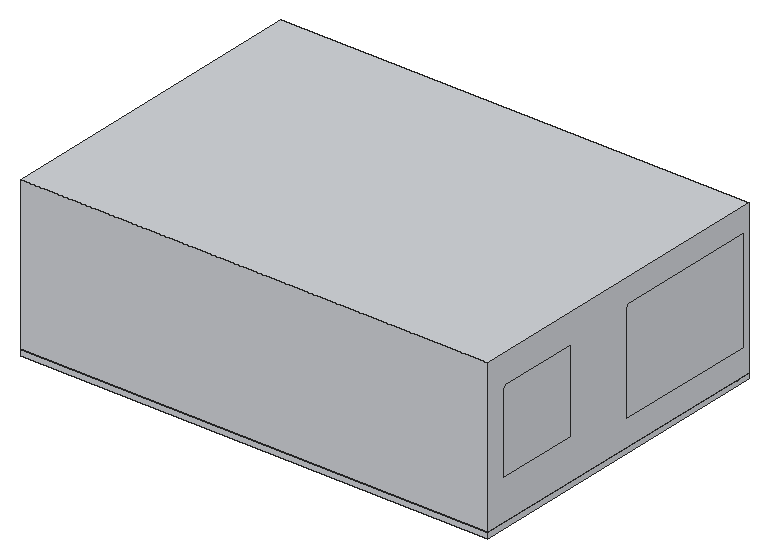
Revit family "AHU 6 _6", category Mechanické zařízení, Revit 2018
Family settings
  Kóta kulaté spojky = Použít průměr
  Typ dílu = Normální
  Číslo OmniClass = 23.75.00.00
  Nadpis OmniClass = Climate Control (HVAC)
  Založené na pracovní rovině = Ne
  Vždy vertikální = Ano
  Ořezat dutým tvarem při načtení = Ne
  Sdílené = Ne
  Bod výpočtu místnosti = Ne
Parameters (values of type "DUPLEXVENT 3500 Multi Eco")
  Width [instance] = 1.6 mm
  Weight [instance] = 371.00 kg
  URL = ""
  Type [instance] = "DUPLEXVENT 3500 Multi Eco"
  Total_SFP [instance] = 0
  Supply_outlet_hum [instance] = 90
  Supply_inlet_hum [instance] = 90
  Supply_ext_pressure [instance] = 0.0 Pa
  Supply_SFP [instance] = 0
  Source_adu_file [instance] = ""
  Recuperation_type [instance] = "Plate heat recovery exchanger"
  Recuperation_efficiency_EN308 [instance] = 0
  Project_name [instance] = ""
  Project_date [instance] = "10.8.2023"
  Power_supply_fusing [instance] = "0"
  Power_supply_cable [instance] = "0"
  Position [instance] = "AHU 6 "
  Phases_count [instance] = 3
  Panel_thickness [instance] = 0.06 mm
  Outer_surface [instance] = "RAL 9002"
  Length [instance] = 2.3 mm
  Insulation_type [instance] = "PUR"
  Insulation_thickness [instance] = 0.05 mm
  Installation_environment [instance] = ""
  Input_power_max [instance] = 5000 W
  Inner_surface [instance] = "Pozink"
  I2 [instance] = I1  # 0.0 L/s
  Height [instance] = 0.775 mm
  Exhaust_outlet_hum [instance] = 0
  Exhaust_inlet_hum [instance] = 40
  Exhaust_ext_pressure [instance] = 0.0 Pa
  Exhaust_SFP [instance] = 0
  E1 [instance] = E2 - M1  # 0.0 L/s
  E2 [instance] = 0.0 L/s
  I1 [instance] = 0.0 L/s
  Description = ""
  M1 [instance] = 0.0 L/s
  Device_dutypoint_version [instance] = "1"
  Device_design_version [instance] = "13"
  Device_adu_id [instance] = "6"
  Current_max [instance] = 7.6 A
  Casing_mat [instance] = "painted zinc layer"
  Cable type [instance] = "CYKY 5Jx2,5"
Reference planes
  plane 1 "Střed (vpředu/vzadu)": y = 0
  plane 2 "ref": z = 0
  plane 3 "Střed (vlevo/vpravo)": x = 0
Forms (mm)
  Sweep 1, solid
    path origin (0, 0, -745) x (0, 0, 1) y (1, 0, 0)
      loop
        line (0, 0) -> (745, 0)
    profile origin (0, 0, -745) x (1, 0, 0) y (0, 1, 0)
      loop
        line (0, 0) -> (2300, 0) -> (2300, 1600) -> (0, 1600) -> (0, 0)
  Sweep 2, solid
    path origin (2299, 300, -345) x (1, 0, 0) y (0, 1, 0)
      loop
        line (0, 0) -> (1, 0)
    profile origin (2299, 300, -345) x (0, 1, 0) y (0, 0, 1)
      loop
        line (200, 200) -> (-200, 200) -> (-200, -200) -> (200, -200) -> (200, 200)
  Sweep 3, solid
    path origin (1, 1210, -370) x (0, 1, 0) y (-1, 0, 0)
      loop
        line (0, 0) -> (0, 1)
    profile origin (1, 1210, -370) x (0, -1, 0) y (0, 0, 1)
      loop
        line (-355, 250) -> (-355, -250) -> (355, -250) -> (355, 250) -> (-355, 250)
  Sweep 4, solid
    path origin (1, 300, -345) x (0, 1, 0) y (-1, 0, 0)
      loop
        line (0, 0) -> (0, 1)
    profile origin (1, 300, -345) x (0, -1, 0) y (0, 0, 1)
      loop
        line (-200, 200) -> (-200, -200) -> (200, -200) -> (200, 200) -> (-200, 200)
  Sweep 5, solid
    path origin (2299, 1210, -370) x (1, 0, 0) y (0, 1, 0)
      loop
        line (0, 0) -> (1, 0)
    profile origin (2299, 1210, -370) x (0, 1, 0) y (0, 0, 1)
      loop
        line (355, 250) -> (-355, 250) -> (-355, -250) -> (355, -250) -> (355, 250)
  Sweep 6, solid
    path origin (2233, 1533, -745) x (0, -1, 0) y (0, 0, 1)
      loop
        line (0, 0) -> (0, -50)
    profile origin (2233, 1533, -745) x (-1, 0, 0) y (0, -1, 0)
      loop
        circle (0, 0) r 20
  Sweep 7, solid
    path origin (1051, 1533, -745) x (0, -1, 0) y (0, 0, 1)
      loop
        line (0, 0) -> (0, -50)
    profile origin (1051, 1533, -745) x (-1, 0, 0) y (0, -1, 0)
      loop
        circle (0, 0) r 20
  Sweep 8, solid
    path origin (0, 0, -775) x (0, 0, 1) y (1, 0, 0)
      loop
        line (0, 0) -> (25, 0)
    profile origin (0, 0, -775) x (1, 0, 0) y (0, 1, 0)
      loop
        line (0, 0) -> (2300, 0) -> (2300, 1600) -> (0, 1600) -> (0, 0)
  Sweep 9, solid
    path origin (0, 0, -668) x (0, 0, 1) y (1, 0, 0)
      loop
        line (0, 0) -> (305, 0)
    profile origin (0, 0, -668) x (1, 0, 0) y (0, 1, 0)
      loop
        line (1320, 1600) -> (1725, 1600) -> (1725, 1690) -> (1320, 1690) -> (1320, 1600)
  Sweep 10, solid
    path origin (1320, 1645, -515) x (0, 0, -1) y (1, 0, 0)
      loop
        line (0, 0) -> (0, -1)
    profile origin (1320, 1645, -515) x (0, 0, -1) y (0, -1, 0)
      loop
        circle (0, 0) r 10
Lines and regions (mm)
  model lines, style "Symbol"
    curve 1: line (1357, 0, 0) -> (1357, 320, 0)
    curve 2: line (1357, 1600, 0) -> (1357, 1280, 0)
    curve 3: line (0, 800, 0) -> (877, 800, 0)
    curve 4: line (2300, 800, 0) -> (1837, 800, 0)
    curve 5: line (877, 800, 0) -> (1117, 1280, 0)
    curve 6: line (1117, 1280, 0) -> (1597, 1280, 0)
    curve 7: line (1597, 1280, 0) -> (1837, 800, 0)
    curve 8: line (1837, 800, 0) -> (1597, 320, 0)
    curve 9: line (1597, 320, 0) -> (1357, 320, 0)
    curve 10: line (1357, 320, 0) -> (1117, 320, 0)
    curve 11: line (1117, 320, 0) -> (877, 800, 0)
    curve 12: line (352, 1086, 0) -> (96, 1130, 0)
    curve 13: line (352, 1314, 0) -> (96, 1270, 0)
    curve 14: line (1948, 1314, 0) -> (2204, 1270, 0)
    curve 15: line (1948, 1086, 0) -> (2204, 1130, 0)
    curve 16: line (2254, 640, 0) -> (2254, 160, 0)
    curve 17: line (2254, 160, 0) -> (2116, 160, 0)
    curve 18: line (2116, 160, 0) -> (2116, 640, 0)
    curve 19: line (2116, 640, 0) -> (2254, 640, 0)
    curve 20: line (2185, 640, 0) -> (2116, 400, 0)
    curve 21: line (2185, 160, 0) -> (2116, 400, 0)
    curve 22: line (46, 160, 0) -> (46, 640, 0)
    curve 23: line (46, 640, 0) -> (184, 640, 0)
    curve 24: line (184, 640, 0) -> (184, 160, 0)
    curve 25: line (184, 160, 0) -> (46, 160, 0)
    curve 26: line (115, 160, 0) -> (184, 400, 0)
    curve 27: line (115, 640, 0) -> (184, 400, 0)
    curve 28: line (1612, 316, 0) -> (1830, 744, 0)
    curve 29: line (1830, 744, 0) -> (1902, 708, 0)
    curve 30: line (1902, 708, 0) -> (1684, 280, 0)
    curve 31: line (1684, 280, 0) -> (1612, 316, 0)
    curve 32: line (1758, 584, 0) -> (1844, 612, 0)
    curve 33: line (1670, 412, 0) -> (1756, 440, 0)
    curve 34: line (2207, 1533, -745) -> (2259, 1533, -745)
    curve 35: line (2233, 1507, -745) -> (2233, 1559, -745)
    curve 36: line (1025, 1533, -745) -> (1077, 1533, -745)
    curve 37: line (1051, 1507, -745) -> (1051, 1559, -745)
    curve 38: line (2300, 0, -1975) -> (2300, 0, -775)
    curve 39: line (0, 0, -1975) -> (0, 0, -775)
    curve 40: line (2300, 0, -1975) -> (0, 0, -1975)
    curve 41: line (2300, 1600, -1975) -> (2300, 1600, -775)
    curve 42: line (0, 1600, -1975) -> (0, 1600, -775)
    curve 43: line (2300, 1600, -1975) -> (0, 1600, -1975)
    curve 44: line (2300, 0, -1975) -> (2300, 1600, -1975)
    curve 45: line (0, 0, -1975) -> (0, 1600, -1975)
    curve 46: line (2300, 1400, -1975) -> (2100, 1600, -1975)
    curve 47: line (2300, 1200, -1975) -> (1900, 1600, -1975)
    curve 48: line (2300, 1000, -1975) -> (1700, 1600, -1975)
    curve 49: line (2300, 800, -1975) -> (1500, 1600, -1975)
    curve 50: line (2300, 600, -1975) -> (1300, 1600, -1975)
    curve 51: line (2300, 400, -1975) -> (1100, 1600, -1975)
    curve 52: line (2300, 200, -1975) -> (900, 1600, -1975)
    curve 53: line (2300, 0, -1975) -> (700, 1600, -1975)
    curve 54: line (2100, 0, -1975) -> (500, 1600, -1975)
    curve 55: line (1900, 0, -1975) -> (300, 1600, -1975)
    curve 56: line (1700, 0, -1975) -> (100, 1600, -1975)
    curve 57: line (1500, 0, -1975) -> (0, 1500, -1975)
    curve 58: line (1300, 0, -1975) -> (0, 1300, -1975)
    curve 59: line (1100, 0, -1975) -> (0, 1100, -1975)
    curve 60: line (900, 0, -1975) -> (0, 900, -1975)
    curve 61: line (700, 0, -1975) -> (0, 700, -1975)
    curve 62: line (500, 0, -1975) -> (0, 500, -1975)
    curve 63: line (300, 0, -1975) -> (0, 300, -1975)
    curve 64: line (100, 0, -1975) -> (0, 100, -1975)
    curve 65: line (0, 1400, -1975) -> (0, 1600, -1775)
    curve 66: line (0, 1200, -1975) -> (0, 1600, -1575)
    curve 67: line (0, 1000, -1975) -> (0, 1600, -1375)
    curve 68: line (0, 800, -1975) -> (0, 1600, -1175)
    curve 69: line (0, 600, -1975) -> (0, 1600, -975)
    curve 70: line (0, 400, -1975) -> (0, 1600, -775)
    curve 71: line (0, 200, -1975) -> (0, 1400, -775)
    curve 72: line (0, 0, -1975) -> (0, 1200, -775)
    curve 73: line (0, 0, -1775) -> (0, 1000, -775)
    curve 74: line (0, 0, -1575) -> (0, 800, -775)
    curve 75: line (0, 0, -1375) -> (0, 600, -775)
    curve 76: line (0, 0, -1175) -> (0, 400, -775)
    curve 77: line (0, 0, -975) -> (0, 200, -775)
    curve 78: line (2300, 1600, -1775) -> (2100, 1600, -1975)
    curve 79: line (2300, 1600, -1575) -> (1900, 1600, -1975)
    curve 80: line (2300, 1600, -1375) -> (1700, 1600, -1975)
    curve 81: line (2300, 1600, -1175) -> (1500, 1600, -1975)
    curve 82: line (2300, 1600, -975) -> (1300, 1600, -1975)
    curve 83: line (2300, 1600, -775) -> (1100, 1600, -1975)
    curve 84: line (2100, 1600, -775) -> (900, 1600, -1975)
    curve 85: line (1900, 1600, -775) -> (700, 1600, -1975)
    curve 86: line (1700, 1600, -775) -> (500, 1600, -1975)
    curve 87: line (1500, 1600, -775) -> (300, 1600, -1975)
    curve 88: line (1300, 1600, -775) -> (100, 1600, -1975)
    curve 89: line (1100, 1600, -775) -> (0, 1600, -1875)
    curve 90: line (900, 1600, -775) -> (0, 1600, -1675)
    curve 91: line (700, 1600, -775) -> (0, 1600, -1475)
    curve 92: line (500, 1600, -775) -> (0, 1600, -1275)
    curve 93: line (300, 1600, -775) -> (0, 1600, -1075)
    curve 94: line (100, 1600, -775) -> (0, 1600, -875)
    curve 95: line (0, 2320, 0) -> (0, 1600, 0)
    curve 96: line (2300, 2320, 0) -> (2300, 1600, 0)
    curve 97: line (0, 2320, 0) -> (2300, 2320, 0)
    curve 98: line (0, 2320, -745) -> (0, 1600, -745)
    curve 99: line (2300, 2320, -745) -> (2300, 1600, -745)
    curve 100: line (0, 2320, -745) -> (2300, 2320, -745)
    curve 101: line (0, 2320, 0) -> (0, 2320, -745)
    curve 102: line (2300, 2320, 0) -> (2300, 2320, -745)
    curve 103: line (0, 2320, -545) -> (200, 2320, -745)
    curve 104: line (0, 2320, -345) -> (400, 2320, -745)
    curve 105: line (0, 2320, -145) -> (600, 2320, -745)
    curve 106: line (55, 2320, 0) -> (800, 2320, -745)
    curve 107: line (255, 2320, 0) -> (1000, 2320, -745)
    curve 108: line (455, 2320, 0) -> (1200, 2320, -745)
    curve 109: line (655, 2320, 0) -> (1400, 2320, -745)
    curve 110: line (855, 2320, 0) -> (1600, 2320, -745)
    curve 111: line (1055, 2320, 0) -> (1800, 2320, -745)
    curve 112: line (1255, 2320, 0) -> (2000, 2320, -745)
    curve 113: line (1455, 2320, 0) -> (2200, 2320, -745)
    curve 114: line (1655, 2320, 0) -> (2300, 2320, -645)
    curve 115: line (1855, 2320, 0) -> (2300, 2320, -445)
    curve 116: line (2055, 2320, 0) -> (2300, 2320, -245)
    curve 117: line (2255, 2320, 0) -> (2300, 2320, -45)
    curve 118: line (2300, 2320, -545) -> (2300, 2120, -745)
    curve 119: line (2300, 2320, -345) -> (2300, 1920, -745)
    curve 120: line (2300, 2320, -145) -> (2300, 1720, -745)
    curve 121: line (2300, 2265, 0) -> (2300, 1600, -665)
    curve 122: line (2300, 2065, 0) -> (2300, 1600, -465)
    curve 123: line (2300, 1865, 0) -> (2300, 1600, -265)
    curve 124: line (2300, 1665, 0) -> (2300, 1600, -65)
    curve 125: line (0, 2120, -745) -> (200, 2320, -745)
    curve 126: line (0, 1920, -745) -> (400, 2320, -745)
    curve 127: line (0, 1720, -745) -> (600, 2320, -745)
    curve 128: line (80, 1600, -745) -> (800, 2320, -745)
    curve 129: line (280, 1600, -745) -> (1000, 2320, -745)
    curve 130: line (480, 1600, -745) -> (1200, 2320, -745)
    curve 131: line (680, 1600, -745) -> (1400, 2320, -745)
    curve 132: line (880, 1600, -745) -> (1600, 2320, -745)
    curve 133: line (1080, 1600, -745) -> (1800, 2320, -745)
    curve 134: line (1280, 1600, -745) -> (2000, 2320, -745)
    curve 135: line (1480, 1600, -745) -> (2200, 2320, -745)
    curve 136: line (1680, 1600, -745) -> (2300, 2220, -745)
    curve 137: line (1880, 1600, -745) -> (2300, 2020, -745)
    curve 138: line (2080, 1600, -745) -> (2300, 1820, -745)
    curve 139: line (2280, 1600, -745) -> (2300, 1620, -745)
    curve 140: line (0, 0, -750) -> (0, 1600, -750)
    curve 141: line (0, 1600, -750) -> (1120, 1600, -750)
    curve 142: line (1120, 1600, -750) -> (1120, 0, -750)
    curve 143: line (1120, 0, -750) -> (0, 0, -750)
    curve 144: line (1380, 0, -750) -> (1380, 1600, -750)
    curve 145: line (1380, 1600, -750) -> (2300, 1600, -750)
    curve 146: line (2300, 1600, -750) -> (2300, 0, -750)
    curve 147: line (2300, 0, -750) -> (1380, 0, -750)
    curve 148: line (0, 0, -750) -> (2300, 0, -750)
    curve 149: line (0, 1600, -750) -> (2300, 1600, -750)
    curve 150: line (0, 0, -750) -> (0, 1600, -750)
    curve 151: line (2300, 0, -750) -> (2300, 1600, -750)
    curve 152: line (0, 0, -750) -> (0, 0, -775)
    curve 153: line (2300, 0, -750) -> (2300, 0, -775)
    curve 154: line (0, 1600, -750) -> (0, 1600, -775)
    curve 155: line (2300, 1600, -750) -> (2300, 1600, -775)
    curve 156: line (-9, 1650, 0) -> (42, 1650, 0)
    curve 157: line (42, 1650, 0) -> (42, 1600, 0)
    curve 158: line (42, 1600, 0) -> (-9, 1600, 0)
    curve 159: line (-9, 1600, 0) -> (-9, 1650, 0)
    curve 160: line (-9, 1600, -150) -> (-9, 1600, 0)
    curve 161: line (-9, 1600, 0) -> (42, 1600, 0)
    curve 162: line (42, 1600, 0) -> (42, 1600, -150)
    curve 163: line (42, 1600, -150) -> (-9, 1600, -150)
    curve 164: line (-9, 1613, -150) -> (-9, 1650, 0)
    curve 165: line (-9, 1650, 0) -> (-9, 1600, 0)
    curve 166: line (-9, 1600, 0) -> (-9, 1600, -150)
    curve 167: line (-9, 1600, -150) -> (-9, 1613, -150)
    curve 168: line (42, 1613, -150) -> (42, 1650, 0)
    curve 169: line (42, 1650, 0) -> (42, 1600, 0)
    curve 170: line (42, 1600, 0) -> (42, 1600, -150)
    curve 171: line (42, 1600, -150) -> (42, 1613, -150)
    curve 172: line (42, -50, 0) -> (-9, -50, 0)
    curve 173: line (-9, -50, 0) -> (-9, 0, 0)
    curve 174: line (-9, 0, 0) -> (42, 0, 0)
    curve 175: line (42, 0, 0) -> (42, -50, 0)
    curve 176: line (42, 0, -150) -> (42, 0, 0)
    curve 177: line (42, 0, 0) -> (-9, 0, 0)
    curve 178: line (-9, 0, 0) -> (-9, 0, -150)
    curve 179: line (-9, 0, -150) -> (42, 0, -150)
    curve 180: line (42, -13, -150) -> (42, -50, 0)
    curve 181: line (42, -50, 0) -> (42, 0, 0)
    curve 182: line (42, 0, 0) -> (42, 0, -150)
    curve 183: line (42, 0, -150) -> (42, -13, -150)
    curve 184: line (-9, -13, -150) -> (-9, -50, 0)
    curve 185: line (-9, -50, 0) -> (-9, 0, 0)
    curve 186: line (-9, 0, 0) -> (-9, 0, -150)
    curve 187: line (-9, 0, -150) -> (-9, -13, -150)
    curve 188: line (2309, -50, 0) -> (2259, -50, 0)
    curve 189: line (2259, -50, 0) -> (2259, 0, 0)
    curve 190: line (2259, 0, 0) -> (2309, 0, 0)
    curve 191: line (2309, 0, 0) -> (2309, -50, 0)
    curve 192: line (2309, 0, -150) -> (2309, 0, 0)
    curve 193: line (2309, 0, 0) -> (2259, 0, 0)
    curve 194: line (2259, 0, 0) -> (2259, 0, -150)
    curve 195: line (2259, 0, -150) -> (2309, 0, -150)
    curve 196: line (2309, -13, -150) -> (2309, -50, 0)
    curve 197: line (2309, -50, 0) -> (2309, 0, 0)
    curve 198: line (2309, 0, 0) -> (2309, 0, -150)
    curve 199: line (2309, 0, -150) -> (2309, -13, -150)
    curve 200: line (2259, -13, -150) -> (2259, -50, 0)
    curve 201: line (2259, -50, 0) -> (2259, 0, 0)
    curve 202: line (2259, 0, 0) -> (2259, 0, -150)
    curve 203: line (2259, 0, -150) -> (2259, -13, -150)
    curve 204: line (2259, 1650, 0) -> (2309, 1650, 0)
    curve 205: line (2309, 1650, 0) -> (2309, 1600, 0)
    curve 206: line (2309, 1600, 0) -> (2259, 1600, 0)
    curve 207: line (2259, 1600, 0) -> (2259, 1650, 0)
    curve 208: line (2259, 1600, -150) -> (2259, 1600, 0)
    curve 209: line (2259, 1600, 0) -> (2309, 1600, 0)
    curve 210: line (2309, 1600, 0) -> (2309, 1600, -150)
    curve 211: line (2309, 1600, -150) -> (2259, 1600, -150)
    curve 212: line (2259, 1613, -150) -> (2259, 1650, 0)
    curve 213: line (2259, 1650, 0) -> (2259, 1600, 0)
    curve 214: line (2259, 1600, 0) -> (2259, 1600, -150)
    curve 215: line (2259, 1600, -150) -> (2259, 1613, -150)
    curve 216: line (2309, 1613, -150) -> (2309, 1650, 0)
    curve 217: line (2309, 1650, 0) -> (2309, 1600, 0)
    curve 218: line (2309, 1600, 0) -> (2309, 1600, -150)
    curve 219: line (2309, 1600, -150) -> (2309, 1613, -150)
    curve 220: circle (240, 1200, 0) r 160 normal (0, 0, 1)
    curve 221: circle (2060, 1200, 0) r 160 normal (0, 0, 1)
    curve 222: circle (1801, 598, 0) r 12 normal (0, 0, 1)
    curve 223: circle (1713, 426, 0) r 12 normal (0, 0, 1)
    curve 224: circle (2233, 1533, -745) r 20 normal (0, 0, 1)
    curve 225: circle (1051, 1533, -745) r 20 normal (0, 0, 1)
    curve 226: circle (17, 1625, 0) r 5 normal (0, 0, 1)
    curve 227: circle (17, -25, 0) r 5 normal (0, 0, 1)
    curve 228: circle (2284, -25, 0) r 5 normal (0, 0, 1)
    curve 229: circle (2284, 1625, 0) r 5 normal (0, 0, 1)
Dimensions and locks
  aligned and locked: level to plane 2 "ref"
Connectors
  hvac at (2300, 300, -345), driven by "E1"
    settings: on Sweep 2, index 1, duct flow 0.0 L/s, flow factor 0, pres drop 0.0 Pa, loss coef 0, conn angle 0.00°, conn width 400 mm, conn height 400 mm, conn diameter 609.6 mm, duct sys type 1, conn prof type 1, flow config 1, flow direction 1, loss method 0, conn ref index -1, conn util no, is conn primary yes, conn desc ""
  hvac at (0, 1210, -370), driven by "E2"
    settings: on Sweep 3, index 2, duct flow 0.0 L/s, flow factor 1, pres drop 0.0 Pa, loss coef 0, conn angle 0.00°, conn width 710 mm, conn height 500 mm, conn diameter 609.6 mm, duct sys type 1, conn prof type 1, flow config 2, flow direction 2, loss method 0, conn ref index -1, conn util no, is conn primary no, conn desc ""
  hvac at (0, 300, -345), driven by "I1"
    settings: on Sweep 4, index 3, duct flow 0.0 L/s, flow factor 1, pres drop 0.0 Pa, loss coef 0, conn angle 0.00°, conn width 400 mm, conn height 400 mm, conn diameter 609.6 mm, duct sys type 3, conn prof type 1, flow config 2, flow direction 1, loss method 0, conn ref index -1, conn util no, is conn primary no, conn desc ""
  hvac at (2300, 1210, -370), driven by "I2"
    settings: on Sweep 5, index 4, duct flow 0.0 L/s, flow factor 0, pres drop 0.0 Pa, loss coef 0, conn angle 0.00°, conn width 710 mm, conn height 500 mm, conn diameter 609.6 mm, duct sys type 3, conn prof type 1, flow config 1, flow direction 2, loss method 0, conn ref index -1, conn util no, is conn primary no, conn desc ""
  piping at (2233, 1533, -795), diameter 40
    settings: on Sweep 6, index 5, connector inside diameter 609.6 mm, connector length 0 mm, flow factor 0, pipe flow 0.0 L/s, pressure drop 0.0 Pa, fitting loss kfactor 0, connector angle 0.00°, fixture units 0, engagement length 0 mm, angle of deflection 0.00°, flow configuration 1, flow direction 2, fitting loss method 0, system type 16, joint type 0, gender type 0, connector reference index -1, connector utility 0, adjustable connector no, is connector primary yes, connector description ""
  piping at (1051, 1533, -795), diameter 40
    settings: on Sweep 7, index 6, connector inside diameter 609.6 mm, connector length 0 mm, flow factor 0, pipe flow 0.0 L/s, pressure drop 0.0 Pa, fitting loss kfactor 0, connector angle 0.00°, fixture units 0, engagement length 0 mm, angle of deflection 0.00°, flow configuration 1, flow direction 2, fitting loss method 0, system type 16, joint type 0, gender type 0, connector reference index -1, connector utility 0, adjustable connector no, is connector primary no, connector description ""
  electrical at (1319, 1645, -515)
    settings: on Sweep 10, index 7, voltage 400 V, apparent load 0 VA, apparent load phase1 0 VA, apparent load phase2 0 VA, apparent load phase3 0 VA, power factor 1, load classification "Další", number of poles 3, system type 31, power factor state 1, is connector primary yes, connector utility no, sub classification motor no, connector description ""
